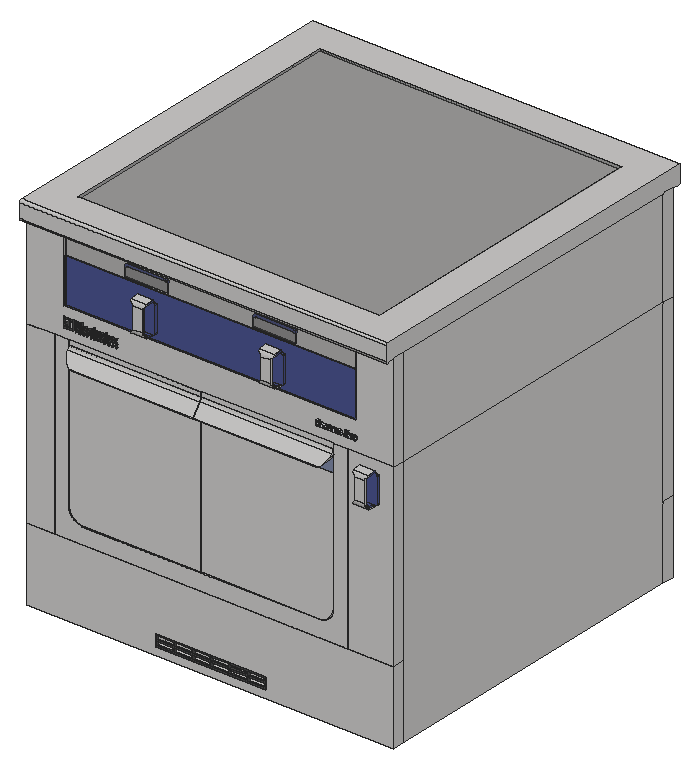
Revit family "QF_ELECTROLUXPROFESSIONAL_588438_MAIRFCH4AO", category Attrezzature speciali, Revit 2020
Family settings
  Quota connettore circolare = Usa diametro
  Tipo di parte = Normale
  Basato su piano di lavoro = No
  Sempre verticale = Sì
  Taglio con vuoti quando caricato = No
  Condiviso = No
  Punto di calcolo locali = No
Parameters (values of type "Standard")
  Weight = 76.00 kg
  Watts = 22000 W
  Volts = 400 V
  URL Manufacturer = "https://www.electroluxprofessional.com/"
  URL = "https://www.electroluxprofessional.com/"
  Steam Supply Size = 0"
  Steam Supply Minimum Pressure = 0.00 psi
  Steam Supply Maximum Pressure = 0.00 psi
  Steam Consumption per Hour = 0
  Refrigeration Suction Line Size = 0 mm
  Refrigeration Liquid Line Size = 0 mm
  Refrigerant Compressor Remote = yes
  Prospetto di default = 0 mm
  Phase = 3
  Modello = "MAIRFCH4AO"
  Produttore = "Electrolux Professional"
  Length Actual = 800 mm  # constant formula
  Item Number = "588438"
  Hot Water Size = 0"
  Height Actual = 800 mm  # constant formula
  HP = "29.5 HP"
  Gas Size = 0"
  Gas KW = 0
  Gas Input Pressure = 0.0 Btu/h
  Direct Waste Size = 0"
  Descrizione = "INDUCTION,4Z,WARM CAB PASS,2S,800X800X80"
  Depth Actual = 800 mm  # constant formula
  Cycle = 50 Hz
  Condensate Return Size = 0"
  Compressed Air Volume = 0 GPM
  Compressed Air Size = 0"
  Compressed Air Pressure = 0.00 psi
  Cold Water Size = 0"
  Accessory = yes
Reference planes
  plane 1 "BACK": y = 0
  plane 2: z = 0
  plane 3 "LEFT": x = 0
  plane 4 "RIGHT": x = 800
  plane 5 "FRONT": y = -800
  plane 6 "TOP": z = 900
  plane 7 "Center (Left/Right)": x = 400
  plane 8: y = -400
  plane 9: z = 100
  plane 10: y = -150
  plane 11 "Panel": y = -755
  plane 12: z = 798
  plane 13: z = 1327
  plane 14: x = 78
  plane 15: x = 722
  plane 16: y = -150
  plane 17: y = -650
  plane 18 "EIx": x = 755
  plane 19 "EIy": y = -585
  plane 20: x = 380
  plane 21 "BASE_TOP": z = 650
  plane 22: x = 60
  plane 23: x = 700
  plane 24: z = 260
Forms (mm)
  Extrusion 1, solid, material "QF_Finishes_Stainless Steel"
    sketch origin (-178.969, -4572, 100) x (-1, 0, 0) y (0, -1, 0)
      loop
        line (-178.969, -4527) -> (-178.969, -3817) -> (-978.969, -3817) -> (-978.969, -4527) -> (-178.969, -4527)
    from 550 to 762.969
  Extrusion 2, solid, material "QF_Finishes_Stainless Steel"
    sketch origin (0, 0, 0) x (0, 1, 0) y (0, 0, 1)
      loop
        line (-755, 100) -> (-755, 260) -> (-780, 260) -> (-780, 100) -> (-755, 100)
    from 0 to 800
  Extrusion 3, solid, material "QF_Finishes_Stainless Steel"
    sketch origin (-588.969, -4562, 100) x (-1, 0, 0) y (0, -1, 0)
      loop
        circle (-1343.969, -3977) r 6.35
    from 0 to -11.851
  Extrusion 4, solid, material "QF_Finishes_Stainless Steel"
    sketch origin (400, 296.4, 1219.2) x (0, 1, 0) y (0, 0, 1)
      loop
        line (-296.4, -319.2) -> (-1091.4, -319.2)
        arc (-1091.4, -319.2) -> (-1094.935, -320.664) -> (-1096.4, -324.2) r 5
        line (-1096.4, -324.2) -> (-1096.4, -355.2)
        arc (-1096.4, -355.2) -> (-1094.971, -358.264) -> (-1091.705, -359.139) r 4
        line (-1091.705, -359.139) -> (-1076.4, -356.231) -> (-316.4, -356.231) -> (-301.094, -359.139)
        arc (-301.094, -359.139) -> (-297.829, -358.264) -> (-296.4, -355.2) r 4
        line (-296.4, -355.2) -> (-296.4, -319.2)
    from -400 to 400
  Extrusion 5, solid, material "QF_Finishes_Stainless Steel"
    sketch origin (-178.969, -4572, 100) x (-1, 0, 0) y (0, -1, 0)
      loop
        line (-178.969, -4527) -> (-178.969, -3817) -> (-978.969, -3817) -> (-978.969, -4527) -> (-178.969, -4527)
    from 550 to 0
  Extrusion 6, void
    sketch origin (0, -755, 0) x (-1, 0, 0) y (0, 0, 1)
      loop
        line (-520, 116.594) -> (-280, 116.594) -> (-280, 141.594) -> (-520, 141.594) -> (-520, 116.594)
    from 0 to -25
  Extrusion 7, solid, material "QF_Finishes_Black"
    sketch origin (0, -755, 0) x (-1, 0, 0) y (0, 0, 1)
      loop
        line (-280, 141.594) -> (-520, 141.594) -> (-520, 116.594) -> (-280, 116.594) -> (-280, 141.594)
      loop
        line (-282, 139.594) -> (-319.131, 139.594) -> (-319.131, 130.094) -> (-282, 130.094) -> (-282, 139.594)
      loop
        line (-282, 118.594) -> (-282, 128.094) -> (-319.131, 128.094) -> (-319.131, 118.594) -> (-282, 118.594)
      loop
        line (-321.131, 139.594) -> (-359.066, 139.594) -> (-359.066, 130.094) -> (-321.131, 130.094) -> (-321.131, 139.594)
      loop
        line (-399, 139.594) -> (-399, 130.094) -> (-361.066, 130.094) -> (-361.066, 139.594) -> (-399, 139.594)
      loop
        line (-401, 139.594) -> (-438.934, 139.594) -> (-438.934, 130.094) -> (-401, 130.094) -> (-401, 139.594)
      loop
        line (-359.066, 118.594) -> (-321.131, 118.594) -> (-321.131, 128.094) -> (-359.066, 128.094) -> (-359.066, 118.594)
      loop
        line (-361.066, 118.594) -> (-361.066, 128.094) -> (-399, 128.094) -> (-399, 118.594) -> (-361.066, 118.594)
      loop
        line (-401, 128.094) -> (-438.934, 128.094) -> (-438.934, 118.594) -> (-401, 118.594) -> (-401, 128.094)
      loop
        line (-518, 139.594) -> (-518, 130.094) -> (-480.869, 130.094) -> (-480.869, 139.594) -> (-518, 139.594)
      loop
        line (-518, 118.594) -> (-480.869, 118.594) -> (-480.869, 128.094) -> (-518, 128.094) -> (-518, 118.594)
      loop
        line (-478.869, 139.594) -> (-478.869, 130.094) -> (-440.934, 130.094) -> (-440.934, 139.594) -> (-478.869, 139.594)
      loop
        line (-440.934, 118.594) -> (-440.934, 128.094) -> (-478.869, 128.094) -> (-478.869, 118.594) -> (-440.934, 118.594)
    from -25.03 to -20
  Extrusion 8, solid, material "QF_Finishes_Stainless Steel"
    sketch origin (0, -800, 0) x (0, -1, 0) y (0, 0, -1)
      loop
        line (-755, -100) -> (-780, -100) -> (-780, -260) -> (-755, -260) -> (-755, -100)
    from 0 to 800
  Extrusion 9, void
    sketch origin (0, -45, 0) x (-1, 0, 0) y (0, 0, -1)
      loop
        line (-520, -116.594) -> (-520, -141.594) -> (-280, -141.594) -> (-280, -116.594) -> (-520, -116.594)
    from 0 to -25
  Extrusion 10, solid, material "QF_Finishes_Stainless Steel"
    sketch origin (0, -755, 0) x (-1, 0, 0) y (0, 0, 1)
      loop
        line (0, 260) -> (0, 650) -> (-60, 650) -> (-60, 260) -> (0, 260)
    from 0 to -25.03
  Extrusion 11, solid, material "QF_Finishes_Stainless Steel"
    sketch origin (0, -755, 0) x (-1, 0, 0) y (0, 0, 1)
      loop
        line (-700, 260) -> (-700, 650) -> (-800, 650) -> (-800, 260) -> (-700, 260)
    from 0 to -25.03
  Extrusion 12, solid, material "QF_Finishes_Stainless Steel"
    sketch origin (70, -755, 0) x (-1, 0, 0) y (0, 0, 1)
      loop
        line (10, 260) -> (10, 650) -> (-20, 650) -> (-20, 325)
        arc (-20, 325) -> (-28.787, 303.787) -> (-50, 295) r 30
        line (-50, 295) -> (-570, 295)
        arc (-570, 295) -> (-591.213, 303.787) -> (-600, 325) r 30
        line (-600, 325) -> (-600, 650) -> (-630, 650) -> (-630, 260) -> (10, 260)
    from 0 to -25.03
  Extrusion 13, solid, material "QF_Finishes_Stainless Steel"
    sketch origin (0, 0, 0) x (1, 0, 0) y (0, 0, 1)
      loop
        line (0, 260) -> (60, 260) -> (60, 650) -> (0, 650) -> (0, 260)
    from 45 to 20
  Extrusion 14, solid, material "QF_Finishes_Stainless Steel"
    sketch origin (0, 0, 0) x (1, 0, 0) y (0, 0, 1)
      loop
        line (700, 260) -> (800, 260) -> (800, 650) -> (700, 650) -> (700, 260)
    from 45 to 20
  Extrusion 15, solid, material "QF_Finishes_Stainless Steel"
    sketch origin (0, 0, 0) x (1, 0, 0) y (0, 0, 1)
      loop
        line (60, 260) -> (700, 260) -> (700, 650) -> (670, 650) -> (670, 325)
        arc (670, 325) -> (661.213, 303.787) -> (640, 295) r 30
        line (640, 295) -> (120, 295)
        arc (120, 295) -> (98.787, 303.787) -> (90, 325) r 30
        line (90, 325) -> (90, 650) -> (60, 650) -> (60, 260)
    from 45 to 20
  Extrusion 16, solid, material "QF_Finishes_Electrolux_Black Smoke Iluminated"
    sketch origin (0, 0, 900) x (-1, 0, 0) y (0, -1, 0)
      loop
        line (-70, 70) -> (-70, 730) -> (-730, 730) -> (-730, 70) -> (-70, 70)
    from -5 to 0
  Extrusion 17, void
    sketch origin (11.152, -20, 900) x (-1, 0, 0) y (0, -1, 0)
      loop
        line (-58.848, 50) -> (-58.848, 710) -> (-718.848, 710) -> (-718.848, 50) -> (-58.848, 50)
    from -5 to 40.278
  Extrusion 18, solid, material "QF_Finishes_Black"
    sketch origin (0, -45, 0) x (-1, 0, 0) y (0, 0, -1)
      loop
        line (-280, -141.594) -> (-280, -116.594) -> (-520, -116.594) -> (-520, -141.594) -> (-280, -141.594)
      loop
        line (-282, -139.594) -> (-282, -130.094) -> (-319.131, -130.094) -> (-319.131, -139.594) -> (-282, -139.594)
      loop
        line (-282, -118.594) -> (-319.131, -118.594) -> (-319.131, -128.094) -> (-282, -128.094) -> (-282, -118.594)
      loop
        line (-321.131, -139.594) -> (-321.131, -130.094) -> (-359.066, -130.094) -> (-359.066, -139.594) -> (-321.131, -139.594)
      loop
        line (-399, -139.594) -> (-361.066, -139.594) -> (-361.066, -130.094) -> (-399, -130.094) -> (-399, -139.594)
      loop
        line (-401, -139.594) -> (-401, -130.094) -> (-438.934, -130.094) -> (-438.934, -139.594) -> (-401, -139.594)
      loop
        line (-359.066, -118.594) -> (-359.066, -128.094) -> (-321.131, -128.094) -> (-321.131, -118.594) -> (-359.066, -118.594)
      loop
        line (-361.066, -118.594) -> (-399, -118.594) -> (-399, -128.094) -> (-361.066, -128.094) -> (-361.066, -118.594)
      loop
        line (-401, -128.094) -> (-401, -118.594) -> (-438.934, -118.594) -> (-438.934, -128.094) -> (-401, -128.094)
      loop
        line (-518, -139.594) -> (-480.869, -139.594) -> (-480.869, -130.094) -> (-518, -130.094) -> (-518, -139.594)
      loop
        line (-518, -118.594) -> (-518, -128.094) -> (-480.869, -128.094) -> (-480.869, -118.594) -> (-518, -118.594)
      loop
        line (-478.869, -139.594) -> (-440.934, -139.594) -> (-440.934, -130.094) -> (-478.869, -130.094) -> (-478.869, -139.594)
      loop
        line (-440.934, -118.594) -> (-478.869, -118.594) -> (-478.869, -128.094) -> (-440.934, -128.094) -> (-440.934, -118.594)
    from -25.03 to -20
Cuts and joins
  Extrusion 6, Extrusion 9 cuts Extrusion 5
  Extrusion 6, Extrusion 9 cuts Extrusion 2
  Extrusion 9 cuts Extrusion 7
  Extrusion 9 cuts Extrusion 8
  Extrusion 17 cuts Extrusion 4
Lines and regions (mm)
  symbolic lines
    curve 1: line (0, 0, 100) -> (800, 0, 100)
    curve 2: line (0, -800, 100) -> (0, 0, 100)
    curve 3: line (800, -800, 100) -> (0, -800, 100)
    curve 4: line (800, 0, 100) -> (800, -800, 100)
  model lines
    curve 5: line (700, -80, 900) -> (100, -80, 900)
    curve 6: line (100, -80, 900) -> (78.787, -101.213, 900)
    curve 7: line (700, -80, 900) -> (721.213, -101.213, 900)
    curve 8: line (700, -720, 900) -> (100, -720, 900)
    curve 9: line (100, -720, 900) -> (78.787, -698.787, 900)
    curve 10: line (700, -720, 900) -> (721.213, -698.787, 900)
    curve 11: line (107.267, -132.845, 900) -> (107.267, -367.845, 900)
    curve 12: line (107.267, -367.845, 900) -> (124.945, -385.523, 900)
    curve 13: line (107.267, -132.845, 900) -> (124.945, -115.167, 900)
    curve 14: line (192.267, -250.345, 900) -> (292.267, -250.345, 900)
    curve 15: line (377.267, -132.845, 900) -> (377.267, -367.845, 900)
    curve 16: line (377.267, -367.845, 900) -> (359.59, -385.523, 900)
    curve 17: line (377.267, -132.845, 900) -> (359.59, -115.167, 900)
    curve 18: line (242.267, -300.345, 900) -> (242.267, -200.345, 900)
    curve 19: line (692.733, -132.845, 900) -> (692.733, -367.845, 900)
    curve 20: line (692.733, -367.845, 900) -> (675.055, -385.523, 900)
    curve 21: line (692.733, -132.845, 900) -> (675.055, -115.167, 900)
    curve 22: line (607.733, -250.345, 900) -> (507.733, -250.345, 900)
    curve 23: line (422.733, -132.845, 900) -> (422.733, -367.845, 900)
    curve 24: line (422.733, -367.845, 900) -> (440.41, -385.523, 900)
    curve 25: line (422.733, -132.845, 900) -> (440.41, -115.167, 900)
    curve 26: line (557.733, -300.345, 900) -> (557.733, -200.345, 900)
    curve 27: line (107.267, -667.155, 900) -> (107.267, -432.155, 900)
    curve 28: line (107.267, -432.155, 900) -> (124.945, -414.477, 900)
    curve 29: line (107.267, -667.155, 900) -> (124.945, -684.833, 900)
    curve 30: line (192.267, -549.655, 900) -> (292.267, -549.655, 900)
    curve 31: line (377.267, -667.155, 900) -> (377.267, -432.155, 900)
    curve 32: line (377.267, -432.155, 900) -> (359.59, -414.477, 900)
    curve 33: line (377.267, -667.155, 900) -> (359.59, -684.833, 900)
    curve 34: line (242.267, -499.655, 900) -> (242.267, -599.655, 900)
    curve 35: line (692.733, -667.155, 900) -> (692.733, -432.155, 900)
    curve 36: line (692.733, -432.155, 900) -> (675.055, -414.477, 900)
    curve 37: line (692.733, -667.155, 900) -> (675.055, -684.833, 900)
    curve 38: line (607.733, -549.655, 900) -> (507.733, -549.655, 900)
    curve 39: line (422.733, -667.155, 900) -> (422.733, -432.155, 900)
    curve 40: line (422.733, -432.155, 900) -> (440.41, -414.477, 900)
    curve 41: line (422.733, -667.155, 900) -> (440.41, -684.833, 900)
    curve 42: line (557.733, -499.655, 900) -> (557.733, -599.655, 900)
Dimensions and locks
  plane 3 "LEFT" to plane 4 "RIGHT" = 800 mm
  plane 5 "FRONT" to plane 1 "BACK" = 800 mm
  equal spacing: plane 3 "LEFT", plane 7 "Center (Left/Right)", plane 4 "RIGHT"
  equal spacing: plane 5 "FRONT", plane 8, plane 1 "BACK"
  plane 9 to level = 100 mm
  plane 1 "BACK" to plane 10 to plane 11 "Panel" = 150 mm, 605 mm  (x2)
  plane 6 "TOP" to plane 9 to level = 800 mm, 100 mm
  plane 6 "TOP" to level = 900 mm
  plane 1 "BACK" to plane 5 "FRONT" = 800 mm
  plane 1 "BACK" to Extrusion 3 = 585 mm
  plane 12 to plane 9 = 698 mm
  plane 13 to plane 6 "TOP" = 427 mm
  plane 6 "TOP" to plane 12 = 102 mm
  plane 14 to plane 3 "LEFT" = 78 mm
  plane 15 to plane 4 "RIGHT" = 78 mm
  locked: plane 1 "BACK" to plane 16 at 150
  locked: plane 16 to plane 17 at 500
  plane 11 "Panel" to plane 5 "FRONT" = 45 mm
  plane 18 "EIx" to plane 4 "RIGHT" = 45 mm
  plane 19 "EIy" to plane 1 "BACK" = 585 mm
  plane 7 "Center (Left/Right)" to plane 20 = 20 mm
  locked: plane 22 to plane 3 "LEFT" at 60
  plane 23 to plane 4 "RIGHT" = 100 mm
  plane 6 "TOP" to plane 21 "BASE_TOP" to plane 9 to level = 250 mm, 550 mm, 100 mm
  aligned and locked: level to plane 2
  aligned and locked: Extrusion 2 to plane 4 "RIGHT"
  aligned and locked: cut or joined group of Extrusion 8, Extrusion 9 to cut or joined group of Extrusion 2, Extrusion 6, Extrusion 9
  aligned and locked: Extrusion 11 to plane 4 "RIGHT"
  aligned and locked: Extrusion 11 to plane 23
  aligned and locked: plane 21 "BASE_TOP" to Extrusion 11
  aligned and locked: Extrusion 11 to plane 24
  aligned and locked: Extrusion 10 to plane 3 "LEFT"
  aligned and locked: plane 22 to Extrusion 10
  aligned and locked: Extrusion 10 to plane 24
  aligned and locked: Extrusion 12 sketch curve to plane 22
  aligned and locked: Extrusion 12 sketch curve to plane 23
  aligned and locked: Extrusion 12 sketch curve to plane 21 "BASE_TOP"
  aligned and locked: Extrusion 13 to cut or joined group of Extrusion 5, Extrusion 6, Extrusion 9
  aligned and locked: Extrusion 14 to Extrusion 13  (x2)
  aligned and locked: Extrusion 15 to Extrusion 13  (x2)
  aligned and locked: cut or joined group of Extrusion 8, Extrusion 9 to plane 9
  aligned and locked: plane 24 to cut or joined group of Extrusion 2, Extrusion 6, Extrusion 9
  aligned and locked: plane 21 "BASE_TOP" to cut or joined group of Extrusion 5, Extrusion 6, Extrusion 9
  aligned and locked: Extrusion 1 to plane 21 "BASE_TOP"
  aligned and locked: nested 2 to nested 3
  aligned and locked: nested 4 to plane 3 "LEFT"
  aligned and locked: plane 3 "LEFT" to nested 5
  aligned and locked: nested 5 to plane 21 "BASE_TOP"
Automatic sketch dimensions
  Extrusion 1 sketch curve to plane 4 "RIGHT" = 0 mm
  Extrusion 1 sketch curve to plane 3 "LEFT" = 0 mm
  Extrusion 1 sketch curve to plane 11 "Panel" = 0 mm
  plane 1 "BACK" to Extrusion 1 sketch curve = 45 mm
  Extrusion 2 sketch curve to plane 9 = 0 mm
  Extrusion 2 sketch curve to plane 24 = 0 mm
  Extrusion 2 sketch curve to plane 11 "Panel" = 0 mm
  Extrusion 2 sketch curve to plane 5 "FRONT" = 20 mm
  plane 1 "BACK" to curve 1 = 0 mm
  curve 1 to plane 4 "RIGHT" = 0 mm
  curve 3 to plane 3 "LEFT" = 0 mm
  plane 5 "FRONT" to curve 3 = 0 mm
  Extrusion 3 sketch curve to plane 18 "EIx" = 0 mm
  Extrusion 3 sketch curve to plane 19 "EIy" = 0 mm
  Extrusion 4 sketch curve to plane 5 "FRONT" = 0 mm
  Extrusion 4 sketch curve to plane 6 "TOP" = 0 mm
  Extrusion 4 sketch curve to plane 1 "BACK" = 0 mm
  Extrusion 4 sketch curve to plane 5 "FRONT" = 4 mm
  Extrusion 4 sketch curve to Extrusion 4 sketch curve = 0.695 mm
  Extrusion 4 sketch curve to plane 5 "FRONT" = 5 mm
  Extrusion 4 sketch curve to Extrusion 4 sketch curve = 15.305 mm
  plane 1 "BACK" to Extrusion 4 sketch curve = 20 mm
  plane 1 "BACK" to Extrusion 4 sketch curve = 4.695 mm
  Extrusion 4 sketch curve to Extrusion 4 sketch curve = 4 mm
  Extrusion 4 sketch curve to Extrusion 4 sketch curve = 31 mm
  Extrusion 4 sketch curve to plane 6 "TOP" = 36 mm
  Extrusion 4 sketch curve to Extrusion 4 sketch curve = 2.909 mm
  Extrusion 5 sketch curve to plane 4 "RIGHT" = 0 mm
  Extrusion 5 sketch curve to plane 3 "LEFT" = 0 mm
  Extrusion 5 sketch curve to plane 11 "Panel" = 0 mm
  plane 1 "BACK" to Extrusion 5 sketch curve = 45 mm
  plane 9 to Extrusion 6 sketch curve = 41.594 mm
  plane 7 "Center (Left/Right)" to Extrusion 6 sketch curve = 120 mm
  Extrusion 6 sketch curve to plane 20 = 100 mm
  plane 9 to Extrusion 6 sketch curve = 16.594 mm
  plane 9 to Extrusion 7 sketch curve = 41.594 mm
  plane 7 "Center (Left/Right)" to Extrusion 7 sketch curve = 120 mm
  Extrusion 7 sketch curve to Extrusion 7 sketch curve = 2 mm  (x16)
  Extrusion 7 sketch curve to Extrusion 7 sketch curve = 0 mm  (x15)
  Extrusion 7 sketch curve to Extrusion 7 sketch curve = 37.131 mm  (x2)
  Extrusion 7 sketch curve to Extrusion 7 sketch curve = 37.934 mm  (x2)
  plane 7 "Center (Left/Right)" to Extrusion 7 sketch curve = 1 mm  (x2)
  Extrusion 7 sketch curve to plane 7 "Center (Left/Right)" = 1 mm  (x2)
  Extrusion 7 sketch curve to plane 20 = 18.934 mm
  plane 9 to Extrusion 7 sketch curve = 18.594 mm  (x4)
  Extrusion 7 sketch curve to Extrusion 7 sketch curve = 9.5 mm  (x6)
  Extrusion 8 sketch curve to plane 9 = 0 mm
  Extrusion 8 sketch curve to plane 24 = 0 mm
  plane 1 "BACK" to Extrusion 8 sketch curve = 20 mm
  Extrusion 8 sketch curve to Extrusion 8 sketch curve = 25 mm
  plane 9 to Extrusion 9 sketch curve = 41.594 mm
  plane 7 "Center (Left/Right)" to Extrusion 9 sketch curve = 120 mm
  Extrusion 9 sketch curve to plane 20 = 100 mm
  plane 9 to Extrusion 9 sketch curve = 16.594 mm
  curve 8 to plane 23 = 0 mm
  curve 7 to plane 23 = 0 mm
  curve 37 to plane 23 = 7.267 mm
  curve 19 to plane 23 = 7.267 mm
  plane 7 "Center (Left/Right)" to curve 23 = 22.733 mm
  plane 7 "Center (Left/Right)" to curve 39 = 22.733 mm
  curve 15 to plane 20 = 2.733 mm
  curve 33 to plane 20 = 2.733 mm
  curve 27 to plane 14 = 29.267 mm
  curve 11 to plane 14 = 29.267 mm
  curve 8 to plane 14 = 22 mm
  curve 5 to plane 14 = 22 mm
  plane 10 to curve 5 = 70 mm
  plane 10 to curve 21 = 17.155 mm
  plane 10 to curve 11 = 17.155 mm
  plane 10 to curve 17 = 17.155 mm
  plane 10 to curve 25 = 17.155 mm
  plane 8 to curve 16 = 32.155 mm
  plane 8 to curve 23 = 32.155 mm
  plane 8 to curve 19 = 32.155 mm
  plane 8 to curve 12 = 32.155 mm
  curve 35 to plane 8 = 32.155 mm
  curve 31 to plane 8 = 32.155 mm
  curve 40 to plane 8 = 32.155 mm
  curve 27 to plane 8 = 32.155 mm
  plane 17 to curve 29 = 17.155 mm
  plane 17 to curve 33 = 17.155 mm
  plane 17 to curve 35 = 17.155 mm
  plane 17 to curve 39 = 17.155 mm
  plane 11 "Panel" to curve 10 = 35 mm
  plane 15 to curve 10 = 0.787 mm
  plane 15 to curve 7 = 0.787 mm
  curve 20 to plane 23 = 24.945 mm
  curve 37 to plane 23 = 24.945 mm
  curve 21 to plane 23 = 24.945 mm
  curve 36 to plane 23 = 24.945 mm
  plane 19 "EIy" to curve 38 = 35.345 mm
  curve 38 to plane 23 = 92.267 mm
  curve 22 to plane 23 = 92.267 mm
  curve 22 to curve 26 = 50 mm  (x2)
  curve 38 to curve 42 = 50 mm
  curve 42 to curve 38 = 50 mm  (x2)
  curve 26 to curve 22 = 50 mm  (x2)
  curve 41 to curve 39 = 17.678 mm
  curve 40 to plane 8 = 14.477 mm
  curve 40 to curve 39 = 17.678 mm
  plane 8 to curve 24 = 14.477 mm
  curve 24 to curve 23 = 17.678 mm
  curve 25 to curve 23 = 17.678 mm  (x2)
  curve 33 to plane 20 = 20.41 mm
  curve 17 to plane 20 = 20.41 mm
  curve 16 to plane 20 = 20.41 mm
  curve 32 to plane 20 = 20.41 mm
  curve 14 to plane 20 = 87.733 mm
  plane 19 "EIy" to curve 30 = 35.345 mm
  curve 30 to plane 20 = 87.733 mm
  curve 34 to plane 19 "EIy" = 14.655 mm
  curve 30 to curve 34 = 50 mm
  curve 14 to curve 18 = 50 mm  (x2)
  curve 34 to curve 30 = 50 mm  (x2)
  curve 18 to curve 14 = 50 mm  (x2)
  plane 8 to curve 12 = 14.477 mm
  curve 12 to curve 11 = 17.678 mm
  curve 28 to plane 8 = 14.477 mm
  curve 28 to curve 27 = 17.678 mm
  curve 29 to curve 27 = 17.678 mm
  curve 13 to curve 11 = 17.678 mm  (x2)
  curve 9 to plane 14 = 0.787 mm
  curve 6 to plane 14 = 0.787 mm
  curve 5 to curve 7 = 21.213 mm
  curve 5 to curve 6 = 21.213 mm
  curve 17 to curve 15 = 17.678 mm
  curve 21 to curve 19 = 17.678 mm
  curve 26 to plane 10 = 50.345 mm
  curve 18 to plane 10 = 50.345 mm
  plane 8 to curve 16 = 14.477 mm
  plane 8 to curve 20 = 14.477 mm
  curve 36 to plane 8 = 14.477 mm
  curve 32 to plane 8 = 14.477 mm
  curve 42 to plane 19 "EIy" = 14.655 mm
  curve 31 to curve 33 = 17.678 mm
  curve 39 to curve 41 = 17.678 mm
  curve 27 to curve 29 = 17.678 mm
  curve 35 to curve 37 = 17.678 mm
  curve 10 to curve 8 = 21.213 mm
  curve 9 to curve 8 = 21.213 mm
  Extrusion 10 sketch curve to plane 22 = 0 mm
  Extrusion 10 sketch curve to plane 3 "LEFT" = 0 mm
  Extrusion 10 sketch curve to plane 24 = 0 mm
  Extrusion 10 sketch curve to plane 21 "BASE_TOP" = 0 mm
  plane 4 "RIGHT" to Extrusion 11 sketch curve = 0 mm
  Extrusion 11 sketch curve to plane 21 "BASE_TOP" = 0 mm
  Extrusion 11 sketch curve to plane 23 = 0 mm
  Extrusion 11 sketch curve to plane 24 = 0 mm
  Extrusion 12 sketch curve to plane 21 "BASE_TOP" = 0 mm
  Extrusion 12 sketch curve to plane 24 = 0 mm
  Extrusion 12 sketch curve to plane 23 = 30 mm
  Extrusion 12 sketch curve to Extrusion 12 sketch curve = 30 mm
  Extrusion 12 sketch curve to plane 14 = 42 mm
  Extrusion 12 sketch curve to plane 14 = 12 mm
  plane 24 to Extrusion 12 sketch curve = 35 mm
  Extrusion 13 sketch curve to plane 3 "LEFT" = 0 mm
  Extrusion 13 sketch curve to plane 21 "BASE_TOP" = 0 mm
  Extrusion 13 sketch curve to plane 22 = 0 mm
  Extrusion 13 sketch curve to plane 24 = 0 mm
  Extrusion 14 sketch curve to plane 21 "BASE_TOP" = 0 mm
  Extrusion 14 sketch curve to plane 23 = 0 mm
  plane 4 "RIGHT" to Extrusion 14 sketch curve = 0 mm
  Extrusion 14 sketch curve to plane 24 = 0 mm
  Extrusion 15 sketch curve to plane 21 "BASE_TOP" = 0 mm  (x2)
  Extrusion 15 sketch curve to plane 22 = 0 mm
  Extrusion 15 sketch curve to plane 23 = 0 mm
  Extrusion 15 sketch curve to plane 24 = 0 mm
  Extrusion 15 sketch curve to plane 14 = 12 mm
  Extrusion 15 sketch curve to Extrusion 15 sketch curve = 30 mm  (x2)
  Extrusion 15 sketch curve to plane 23 = 60 mm
  plane 24 to Extrusion 15 sketch curve = 35 mm
  Extrusion 16 sketch curve to plane 15 = 8 mm
  plane 14 to Extrusion 16 sketch curve = 8 mm
  plane 1 "BACK" to Extrusion 16 sketch curve = 70 mm
  plane 11 "Panel" to Extrusion 16 sketch curve = 25 mm
  Extrusion 17 sketch curve to plane 15 = 8 mm
  plane 14 to Extrusion 17 sketch curve = 8 mm
  plane 1 "BACK" to Extrusion 17 sketch curve = 70 mm
  plane 11 "Panel" to Extrusion 17 sketch curve = 25 mm
  plane 9 to Extrusion 18 sketch curve = 41.594 mm
  plane 7 "Center (Left/Right)" to Extrusion 18 sketch curve = 120 mm
  Extrusion 18 sketch curve to Extrusion 18 sketch curve = 2 mm  (x19)
  Extrusion 18 sketch curve to Extrusion 18 sketch curve = 0 mm  (x15)
  Extrusion 18 sketch curve to Extrusion 18 sketch curve = 37.131 mm  (x2)
  Extrusion 18 sketch curve to Extrusion 18 sketch curve = 37.934 mm  (x2)
  plane 7 "Center (Left/Right)" to Extrusion 18 sketch curve = 1 mm  (x2)
  Extrusion 18 sketch curve to plane 7 "Center (Left/Right)" = 1 mm  (x2)
  Extrusion 18 sketch curve to plane 20 = 18.934 mm
  plane 9 to Extrusion 18 sketch curve = 18.594 mm
  plane 9 to Extrusion 18 sketch curve = 39.594 mm
  Extrusion 18 sketch curve to Extrusion 18 sketch curve = 9.5 mm  (x5)
  radius of Extrusion 3 sketch curve = 6.35 mm
Nested families
  nested 1: "FIT Range Control Handle" at (745, -783.167, -372.751), type "FIT Range Control Handle"
  nested 2: "H450H2_2DOOR" at (343.958, -755, 200) x (1, 0, 0) z (0, -1, 0), type "H450H2_2DOOR"
    with Width 580 mm, Wdoor 290 mm, Show Clearance yes
  nested 3: "H450H2_2DOOR" at (416.042, -45, 200) x (-1, 0, 0) z (0, 1, 0), type "H450H2_2DOOR"
    with Width 580 mm, Wdoor 290 mm, Show Clearance yes
  nested 4: "Front_Panel_W800_2 Knobs" at (597.624, -45, 0) x (-1, 0, 0) z (0, 0, 1), type "Front_Panel_W800_2 Knobs"
  nested 5: "Front_Panel_W800_2 Knobs" at (202.376, -755, 0), type "Front_Panel_W800_2 Knobs"
Connectors
  electrical at (755, -585, 88.149)
    settings: on Extrusion 3, index 1, voltage 400 V, apparent load 33000 VA, apparent load phase1 0 VA, apparent load phase2 0 VA, apparent load phase3 0 VA, power factor 1, load classification "Other", number of poles 1, system type 30, power factor state 1, is connector primary yes, connector utility no, sub classification motor no, connector description "ELECTRICAL CONNECTION"
Definition of nested family "FIT Range Control Handle"
  Parameters
    Default Elevation = 0 mm
  Reference planes
    plane 1 "Center (Front/Back)": y = 0
    plane 2: z = 0
    plane 3 "Center (Left/Right)": x = 0
    plane 4: z = 971.092
    plane 5: y = -16.8
  Forms (mm)
    Extrusion 1, solid
      sketch origin (-746.28, 380.497, 208.931) x (-1, 0, 0) y (0, 0, 1)
        loop
          line (-770.101, 786.798) -> (-770.101, 731.649)
          arc (-770.101, 731.649) -> (-769.759, 730.563) -> (-768.855, 729.87) r 1.893
          line (-768.855, 729.87) -> (-763.474, 727.911) -> (-729.81, 727.911) -> (-724.428, 729.87)
          arc (-724.428, 729.87) -> (-723.525, 730.563) -> (-723.183, 731.649) r 1.893
          line (-723.183, 731.649) -> (-723.183, 786.798)
          arc (-723.183, 786.798) -> (-723.529, 787.894) -> (-724.44, 788.593) r 1.91
          line (-724.44, 788.593) -> (-729.683, 790.819) -> (-763.601, 790.819) -> (-768.844, 788.593)
          arc (-768.844, 788.593) -> (-769.755, 787.894) -> (-770.101, 786.798) r 1.91
      from -382.35 to -378.852
    Sweep 2, solid
      path origin (-746.788, 380.496, 208.091) x (0, -1, 0) y (0, 0, 1)
        loop
          line (379.775, 793.281) -> (395.661, 791.048)
          arc (395.661, 791.048) -> (397.781, 787.377) -> (398.517, 783.202) r 12.207
          line (398.517, 783.202) -> (398.517, 737.368)
          arc (398.517, 737.368) -> (397.781, 733.193) -> (395.661, 729.522) r 12.207
          line (395.661, 729.522) -> (379.775, 727.289)
      profile origin (-746.788, -7.222, 1000.256) x (0, -0.139173, 0.990268) y (-1, 0, 0)
        loop
          line (0.782, -763.123) -> (0.782, -730.907) -> (-1.322, -730.907) -> (-1.322, -763.123) -> (0.782, -763.123)
    Sweep 3, solid
      path origin (-746.788, 380.715, 207.832) x (0, -1, 0) y (0, 0, 1)
        loop
          line (380.478, 795.442) -> (397.218, 793.09)
          arc (397.218, 793.09) -> (399.929, 788.473) -> (400.871, 783.202) r 15.207
          line (400.871, 783.202) -> (400.871, 737.584)
          arc (400.871, 737.584) -> (399.914, 732.274) -> (397.164, 727.633) r 15.207
          line (397.164, 727.633) -> (380.601, 725.305)
      profile origin (-746.788, -8.132, 1002.099) x (0, -0.139173, 0.990268) y (-1, 0, 0)
        loop
          line (0.782, -763.123) -> (0.782, -730.907) -> (-1.322, -730.907) -> (-1.322, -763.123) -> (0.782, -763.123)
    Extrusion 4, void
      sketch origin (889.253, 220.666, 207.993) x (1, 0, 0) y (0, 0, 1)
        loop
          line (-943.038, 816.854) -> (-943.038, 703.686) -> (-899.466, 734.196) -> (-899.466, 786.344) -> (-943.038, 816.854)
      from 230.636 to 242.25
    Extrusion 5, void
      sketch origin (-888.8, 220.666, 207.993) x (-1, 0, 0) y (0, 0, -1)
        loop
          line (-943.038, -816.854) -> (-899.466, -786.344) -> (-899.466, -734.196) -> (-943.038, -703.686) -> (-943.038, -816.854)
      from 230.636 to 242.25
    Extrusion 6, solid
      sketch origin (0, 0, 0) x (1, 0, 0) y (0, 0, 1)
        loop
          circle (0, 971.092) r 7.736
      from -3.137 to -1.645
  Cuts and joins
    Extrusion 4, Extrusion 5 cuts Sweep 3
    Extrusion 4, Extrusion 5 cuts Sweep 2
    joined: Extrusion 1, Extrusion 6
  Lines and regions (mm)
    symbolic lines
      curve 1: line (-15.881, -19.189, 0) -> (-15.881, -16.8, 0)
      curve 2: line (16.334, -19.189, 0) -> (16.334, -16.8, 0)
      curve 3: spline (-15.881, -19.189, 0) -> (-15.417, -19.349, 0) -> (-14.951, -19.501, 0) -> (-14.483, -19.646, 0) -> (-14.014, -19.783, 0) -> (-13.543, -19.912, 0) -> (-13.071, -20.033, 0) -> (-12.597, -20.146, 0) -> (-12.122, -20.251, 0) -> (-11.646, -20.349, 0) -> (-11.169, -20.438, 0) -> (-10.691, -20.52, 0) -> (-10.213, -20.593, 0)
      curve 4: spline (10.666, -20.593, 0) -> (11.144, -20.52, 0) -> (11.622, -20.438, 0) -> (12.099, -20.349, 0) -> (12.575, -20.251, 0) -> (13.05, -20.146, 0) -> (13.524, -20.033, 0) -> (13.996, -19.912, 0) -> (14.467, -19.783, 0) -> (14.936, -19.646, 0) -> (15.404, -19.501, 0) -> (15.87, -19.349, 0) -> (16.334, -19.189, 0)
      curve 5: line (-10.213, -20.938, 0) -> (10.716, -20.938, 0)
  Dimensions and locks
    cut or joined group of Sweep 3, Extrusion 4, Extrusion 5 to cut or joined group of Sweep 3, Extrusion 4, Extrusion 5 = 71.686 mm
Definition of nested family "H450H2_2DOOR"
  Parameters
    Width [instance] = 580 mm
    Wdoor [instance] = Width / 2  # 290 mm
    Show Clearance [instance] = yes
    Model = "727995"
    Height = 450 mm
    Default Elevation = 0 mm
  Reference planes
    plane 1 "Center (Front/Back)": y = 0
    plane 2: z = 0
    plane 3 "Center (Left/Right)": x = 36.042
    plane 4 "panel": z = 25
    plane 5: x = -253.958
    plane 6: x = 326.042
    plane 7: y = 450
    plane 8: z = 290
    plane 9: z = 45
  Forms (mm)
    Extrusion 1, solid
      sketch origin (0, -919.2, 0) x (1, 0, 0) y (0, 1, 0)
        loop
          line (-980.5, 2119.2) -> (-980.5, -162.846) -> (881.94, -162.846) -> (881.94, 2119.2) -> (-980.5, 2119.2)
      from 0 to -59.546
    Extrusion 2, solid
      sketch origin (0, 0, 0) x (1, 0, 0) y (0, 1, 0)
        loop
          line (324.042, 393) -> (37.042, 393) -> (37.042, 97) -> (294.042, 97)
          arc (294.042, 97) -> (315.255, 105.787) -> (324.042, 127) r 30
          line (324.042, 127) -> (324.042, 393)
        loop
          arc (-251.958, 127) -> (-243.171, 105.787) -> (-221.958, 97) r 30
          line (-221.958, 97) -> (35.042, 97) -> (35.042, 393) -> (-251.958, 393) -> (-251.958, 127)
      from 0 to 25
    Extrusion 3, solid
      sketch origin (0, 0, 0) x (1, 0, 0) y (0, 1, 0)
        loop
          line (-251.958, 393) -> (35.042, 393) -> (35.042, 440) -> (-251.958, 440) -> (-251.958, 393)
        loop
          line (37.042, 440) -> (37.042, 393) -> (324.042, 393) -> (324.042, 440) -> (37.042, 440)
      from 0 to 25
    Extrusion 4, solid
      sketch origin (5.581, 79.805, 0) x (1, 0, 0) y (0, 1, 0)
        loop
          line (-257.539, 360.195) -> (29.461, 360.195) -> (29.461, 370.195) -> (-257.539, 370.195) -> (-257.539, 360.195)
        loop
          line (31.461, 370.195) -> (31.461, 360.195) -> (318.461, 360.195) -> (318.461, 370.195) -> (31.461, 370.195)
      from 0 to 25
    Extrusion 5, solid
      sketch origin (36.042, 0, 0) x (0, 1, 0) y (0, 0, 1)
        loop
          line (426.693, 25) -> (440.02, 25)
          arc (440.02, 25) -> (435.261, 25.775) -> (430.993, 28.02) r 15
          line (430.993, 28.02) -> (406.653, 46.362) -> (403.644, 42.369) -> (426.693, 25)
      from 1 to 288
    Extrusion 6, solid
      sketch origin (36.042, 0, 0) x (0, 1, 0) y (0, 0, 1)
        loop
          line (426.693, 25) -> (440.02, 25)
          arc (440.02, 25) -> (435.261, 25.775) -> (430.993, 28.02) r 15
          line (430.993, 28.02) -> (406.653, 46.362) -> (403.644, 42.369) -> (426.693, 25)
      from -288 to -1
    Extrusion 7, void
      sketch origin (0, 0, 0) x (1, 0, 0) y (0, 1, 0)
        loop
          arc (324.042, 426.693) -> (314.508, 412.772) -> (300.317, 403.644) r 42.603
          line (300.317, 403.644) -> (324.042, 403.644) -> (324.042, 426.693)
      from 0 to 47.9
    Extrusion 8, void
      sketch origin (72.084, 0, 0) x (-1, 0, 0) y (0, -1, 0)
        loop
          line (324.042, -426.693) -> (324.042, -403.644) -> (300.317, -403.644)
          arc (300.317, -403.644) -> (314.508, -412.772) -> (324.042, -426.693) r 42.603
      from 0 to 47.9
    Extrusion 9, solid, detail levels coarse
      sketch origin (0, 0, 0) x (1, 0, 0) y (0, 0, 1)
        loop
          arc (36.042, 25) -> (-41.575, 212.383) -> (-228.958, 290) r 265
          line (-228.958, 290) -> (-228.958, 25) -> (36.042, 25)
      from -450 to -97
    Extrusion 10, solid, detail levels coarse
      sketch origin (0, 0, 0) x (1, 0, 0) y (0, 0, 1)
        loop
          arc (301.042, 290) -> (113.659, 212.383) -> (36.042, 25) r 265
          line (36.042, 25) -> (301.042, 25) -> (301.042, 290)
      from -450 to -97
  Cuts and joins
    Extrusion 8 cuts Extrusion 6
    Extrusion 7 cuts Extrusion 5
  Lines and regions (mm)
    symbolic lines
      curve 1: line (326.042, 0, 45) -> (326.042, 0, 290)
      curve 2: line (301.042, 0, 45) -> (301.042, 0, 290)
      curve 3: line (326.042, 0, 290) -> (301.042, 0, 290)
      curve 4: line (-253.958, 0, 45) -> (-253.958, 0, 290)
      curve 5: line (-228.958, 0, 45) -> (-228.958, 0, 290)
      curve 6: line (-253.958, 0, 290) -> (-228.958, 0, 290)
      curve 7: arc (301.042, 0, 290) -> (120.901, 0, 219.356) -> (36.804, 0, 45.088) r 265
      curve 8: arc (35.286, 0, 44.997) -> (-48.783, 0, 219.325) -> (-228.958, 0, 290) r 265
  Dimensions and locks
    plane 4 "panel" to level = 25 mm
    "Width": plane 5 to plane 6
    equal spacing: plane 5, plane 3 "Center (Left/Right)", plane 6
    "Height": plane 1 "Center (Front/Back)" to plane 7
    locked: plane 5 to Extrusion 2 sketch curve at 2
    locked: Extrusion 2 sketch curve to plane 6 at 2
    locked: plane 1 "Center (Front/Back)" to Extrusion 2 sketch curve at 97
    locked: plane 7 to Extrusion 2 sketch curve at 57
    locked: Extrusion 2 sketch curve to plane 3 "Center (Left/Right)" at 1
    locked: plane 3 "Center (Left/Right)" to Extrusion 2 sketch curve at 1
    Extrusion 3 sketch curve to Extrusion 2 = 47 mm
    "Wdoor": plane 8 to level
    locked: curve 2 to curve 1 at 25
    locked: curve 5 to curve 4 at 25
    plane 4 "panel" to plane 9 = 20 mm
    aligned and locked: plane 2 to Extrusion 1
    aligned and locked: level to Extrusion 1
    aligned and locked: plane 4 "panel" to Extrusion 2
    aligned and locked: Extrusion 2 to Extrusion 3 sketch curve
    aligned and locked: Extrusion 3 sketch curve to Extrusion 2  (x2)
    aligned and locked: Extrusion 3 sketch curve to Extrusion 3 sketch curve
    aligned and locked: plane 4 "panel" to Extrusion 3
    aligned and locked: Extrusion 4 sketch curve to Extrusion 4 sketch curve
    aligned and locked: Extrusion 4 sketch curve to Extrusion 3  (x3)
    aligned and locked: Extrusion 3 to Extrusion 4 sketch curve
    aligned and locked: Extrusion 4 sketch curve to plane 7
    aligned and locked: Extrusion 3 to Extrusion 5
    aligned and locked: Extrusion 5 to Extrusion 3
    aligned and locked: Extrusion 6 to Extrusion 3
    aligned and locked: Extrusion 3 to Extrusion 6
    aligned and locked: Extrusion 7 sketch curve to Extrusion 5
    aligned and locked: Extrusion 8 to Extrusion 6
    aligned and locked: Extrusion 4 to Extrusion 8
    aligned and locked: Extrusion 2 to Extrusion 7
    aligned and locked: Extrusion 7 to Extrusion 5
    aligned and locked: Extrusion 4 to Extrusion 3  (x2)
    aligned and locked: Extrusion 3 to Extrusion 2
    aligned and locked: Extrusion 4 to Extrusion 2
    aligned and locked: curve 3 to plane 8
    aligned and locked: curve 1 to plane 6
    aligned and locked: curve 4 to plane 5
    aligned and locked: Extrusion 9 sketch curve to plane 4 "panel"
    aligned and locked: Extrusion 10 sketch curve to curve 7
    aligned and locked: Extrusion 10 sketch curve to curve 2
    aligned and locked: Extrusion 2 to Extrusion 9
    aligned and locked: Extrusion 2 to Extrusion 10
    aligned and locked: plane 7 to Extrusion 9
    aligned and locked: Extrusion 3 to Extrusion 4
  Automatic sketch dimensions
    Extrusion 1 sketch curve to Extrusion 1 sketch curve = 1862.44 mm
    Extrusion 1 sketch curve to Extrusion 1 sketch curve = 2282.046 mm
    Extrusion 2 sketch curve to Extrusion 2 sketch curve = 30 mm  (x2)
    Extrusion 2 sketch curve to plane 1 "Center (Front/Back)" = 97 mm
    Extrusion 2 sketch curve to Extrusion 2 sketch curve = 0 mm
    Extrusion 3 sketch curve to plane 3 "Center (Left/Right)" = 1 mm
    plane 5 to Extrusion 3 sketch curve = 2 mm
    Extrusion 3 sketch curve to Extrusion 3 sketch curve = 0 mm
    Extrusion 5 sketch curve to plane 4 "panel" = 0 mm
    plane 4 "panel" to Extrusion 5 sketch curve = 17.369 mm
    Extrusion 5 sketch curve to plane 7 = 46.356 mm
    plane 4 "panel" to Extrusion 5 sketch curve = 21.362 mm
    Extrusion 5 sketch curve to Extrusion 5 sketch curve = 3.009 mm
    plane 4 "panel" to Extrusion 5 sketch curve = 3.02 mm
    Extrusion 5 sketch curve to Extrusion 5 sketch curve = 9.027 mm
    Extrusion 6 sketch curve to plane 4 "panel" = 0 mm
    plane 4 "panel" to Extrusion 6 sketch curve = 17.369 mm
    Extrusion 6 sketch curve to plane 7 = 46.356 mm
    plane 4 "panel" to Extrusion 6 sketch curve = 21.362 mm
    Extrusion 6 sketch curve to Extrusion 6 sketch curve = 3.009 mm
    plane 4 "panel" to Extrusion 6 sketch curve = 3.02 mm
    Extrusion 6 sketch curve to Extrusion 6 sketch curve = 9.027 mm
    Extrusion 7 sketch curve to Extrusion 7 sketch curve = 23.725 mm
    Extrusion 7 sketch curve to plane 7 = 6.671 mm
    Extrusion 7 sketch curve to plane 6 = 41.221 mm
    Extrusion 7 sketch curve to plane 7 = 23.307 mm
    plane 7 to Extrusion 8 sketch curve = 6.671 mm
    Extrusion 8 sketch curve to plane 5 = 41.221 mm
    Extrusion 8 sketch curve to plane 5 = 25.725 mm
    Extrusion 8 sketch curve to plane 5 = 2 mm
    plane 7 to Extrusion 8 sketch curve = 23.307 mm
    Extrusion 4 sketch curve to Extrusion 4 sketch curve = 10 mm
    Extrusion 4 sketch curve to plane 7 = 10 mm
    curve 2 to plane 9 = 0 mm
    curve 5 to plane 9 = 0 mm
    curve 4 to plane 9 = 0 mm
    curve 1 to plane 9 = 0 mm
    curve 8 to plane 4 "panel" = 0 mm
    curve 5 to plane 8 = 0 mm
    curve 8 to plane 9 = 0.003 mm
    curve 7 to plane 4 "panel" = 0 mm
    plane 9 to curve 7 = 0.088 mm
Definition of nested family "Front_Panel_W800_2 Knobs"
  Parameters
    Default Elevation = 0 mm
  Reference planes
    plane 1 "Center (Front/Back)": y = 0
    plane 2: z = 0
    plane 3 "Center (Left/Right)": x = 197.624
    plane 4 "Left": x = -202.376
    plane 5 "Right": x = 597.624
    plane 6: y = -45
    plane 7: x = 127.624
    plane 8: x = 57.624
    plane 9: x = 337.624
    plane 10: x = 517.624
    plane 11: x = -122.376
    plane 12 "Panel": y = -25
  Forms (mm)
    Extrusion 1, solid
      sketch origin (833.217, 829.203, -1.25) x (0, 1, 0) y (0, 0, 1)
        loop
          line (-854.203, 651.25) -> (-829.203, 651.25) -> (-829.203, 864.25) -> (-854.203, 864.25) -> (-854.203, 651.25)
      from -1035.593 to -235.593
    Extrusion 2, void
      sketch origin (0, 0, 0) x (1, 0, 0) y (0, 0, 1)
        loop
          line (-122.376, 853.866) -> (-122.376, 711.866) -> (517.624, 711.866) -> (517.624, 853.866) -> (-122.376, 853.866)
      from 19.387 to 33.951
  Cuts and joins
    Extrusion 2 cuts Extrusion 1
  Dimensions and locks
    equal spacing: plane 5 "Right", plane 3 "Center (Left/Right)", plane 4 "Left"
    plane 5 "Right" to plane 4 "Left" = 800 mm
    plane 3 "Center (Left/Right)" to plane 7 = 70 mm
    plane 9 to plane 3 "Center (Left/Right)" = 140 mm
    plane 3 "Center (Left/Right)" to plane 8 = 140 mm
    aligned and locked: cut or joined group of Extrusion 1, Extrusion 2 to plane 4 "Left"
    aligned and locked: plane 5 "Right" to cut or joined group of Extrusion 1, Extrusion 2
    aligned and locked: plane 3 "Center (Left/Right)" to nested 1
    aligned and locked: cut or joined group of Extrusion 1, Extrusion 2 to nested 1
    aligned and locked: nested 5 to plane 11
  Automatic sketch dimensions
    Extrusion 1 sketch curve to plane 1 "Center (Front/Back)" = 0 mm
    level to Extrusion 1 sketch curve = 650 mm
    plane 4 "Left" to Extrusion 2 sketch curve = 80 mm
    Extrusion 2 sketch curve to plane 5 "Right" = 80 mm
    level to Extrusion 2 sketch curve = 711.866 mm
    Extrusion 2 sketch curve to Extrusion 2 sketch curve = 142 mm
    Extrusion 1 sketch curve to plane 6 = 20 mm
    Extrusion 1 sketch curve to Extrusion 1 sketch curve = 213 mm
  Nested families
    nested 1: "Front glass control panel W800_Two" at (197.624, 280.644, 2.752), type "Front glass control panel W800_Two"
    nested 2: "Range Control Handle" at (57.851, -28.137, -209.113) x (-1, 0, 0) z (0, 0, 1), type "Range Control Handle"
    nested 3: "Range Control Handle" at (337.624, -28.137, -209.113), type "Range Control Handle"
    nested 4: "ELX_ThermaLine_Small" at (469.031, -25, 679.402) x (1, 0, 0) z (0, -1, 0), type "ELX_ThermaLine_Small"
      with Show Logo yes, Material_Logo none
    nested 5: "ELX_Professional_Logo_Small" at (-62.89, -25, 681.634) x (1, 0, 0) z (0, -1, 0), type "ELX_Professional_Logo_Small"
      with Show Logo yes, Material_Logo none
  Definition of nested family "Front glass control panel W800_Two"
    Parameters
      Default Elevation = 0 mm
    Reference planes
      plane 1 "Center (Front/Back)": y = 0
      plane 2: z = 0
      plane 3 "Center (Left/Right)": x = 0
      plane 4: x = -140
      plane 5: x = 140
    Forms (mm)
      Extrusion 1, solid
        sketch origin (378.286, 0, 0.617) x (1, 0, 0) y (0, 0, 1)
          loop
            line (-698.286, 806.791) -> (-698.286, 708.497) -> (-58.286, 708.497) -> (-58.286, 806.791) -> (-698.286, 806.791)
        from 300.031 to 304.8
      Extrusion 2, solid
        sketch origin (378.286, 0, 0.617) x (1, 0, 0) y (0, 0, 1)
          loop
            line (-698.286, 850.497) -> (-698.286, 806.791) -> (-58.286, 806.791) -> (-58.286, 850.497) -> (-698.286, 850.497)
        from 300.031 to 304.8
      Extrusion 3, void
        sketch origin (378.286, 0, 0.617) x (1, 0, 0) y (0, 0, 1)
          loop
            line (-695.628, 847.565) -> (-695.628, 710.699) -> (-61.196, 710.699) -> (-61.196, 847.565) -> (-695.628, 847.565)
        from 303.697 to 304.8
      Extrusion 4, solid
        sketch origin (-448.309, 1.101, -0.633) x (-1, 0, 0) y (0, 0, -1)
          loop
            line (-261.431, -812.62) -> (-355.186, -812.62) -> (-355.186, -834.177) -> (-350.269, -834.177) -> (-348.469, -835.977) -> (-268.039, -835.977) -> (-266.24, -834.177) -> (-261.431, -834.177) -> (-261.431, -812.62)
        from 304.798 to 306.745
      Extrusion 5, solid
        sketch origin (-448.309, 1.101, -0.633) x (-1, 0, 0) y (0, 0, -1)
          loop
            line (-350.269, -834.177) -> (-355.078, -834.177)
            arc (-355.078, -834.177) -> (-353.942, -838.747) -> (-349.686, -840.763) r 5.5
            line (-349.686, -840.763) -> (-266.98, -840.763)
            arc (-266.98, -840.763) -> (-262.706, -838.752) -> (-261.529, -834.177) r 5.549
            line (-261.529, -834.177) -> (-266.24, -834.177) -> (-268.039, -835.977) -> (-348.469, -835.977) -> (-350.269, -834.177)
        from 304.798 to 306.745
      Extrusion 6, solid
        sketch origin (448.309, 1.101, -0.633) x (1, 0, 0) y (0, 0, 1)
          loop
            line (-261.431, 812.62) -> (-261.431, 834.177) -> (-266.24, 834.177) -> (-268.039, 835.977) -> (-348.469, 835.977) -> (-350.269, 834.177) -> (-355.186, 834.177) -> (-355.186, 812.62) -> (-261.431, 812.62)
        from 304.798 to 306.745
      Extrusion 7, solid
        sketch origin (448.309, 1.101, -0.633) x (1, 0, 0) y (0, 0, 1)
          loop
            line (-350.269, 834.177) -> (-348.469, 835.977) -> (-268.039, 835.977) -> (-266.24, 834.177) -> (-261.529, 834.177)
            arc (-261.529, 834.177) -> (-262.706, 838.752) -> (-266.98, 840.763) r 5.549
            line (-266.98, 840.763) -> (-349.686, 840.763)
            arc (-349.686, 840.763) -> (-353.942, 838.747) -> (-355.078, 834.177) r 5.5
            line (-355.078, 834.177) -> (-350.269, 834.177)
        from 304.798 to 306.745
    Cuts and joins
      Extrusion 3 cuts Extrusion 1
      Extrusion 3 cuts Extrusion 2
    Dimensions and locks
      plane 3 "Center (Left/Right)" to plane 4 = 140 mm
      plane 5 to plane 3 "Center (Left/Right)" = 140 mm
      aligned and locked: Extrusion 1 to Extrusion 2
      aligned and locked: Extrusion 5 sketch curve to Extrusion 4  (x5)
      aligned and locked: Extrusion 5 to Extrusion 4
      aligned and locked: Extrusion 7 sketch curve to Extrusion 6  (x4)
      aligned and locked: Extrusion 6 to Extrusion 7 sketch curve
      aligned and locked: Extrusion 7 to Extrusion 6
  Definition of nested family "Range Control Handle"
    Parameters
      Default Elevation = 0 mm
    Reference planes
      plane 1 "Center (Front/Back)": y = 0
      plane 2: z = 0
      plane 3 "Center (Left/Right)": x = 0
      plane 4: z = 971.092
      plane 5: y = -16.9
    Forms (mm)
      Extrusion 1, solid
        sketch origin (-746.28, 380.497, 208.931) x (-1, 0, 0) y (0, 0, 1)
          loop
            line (-770.101, 786.798) -> (-770.101, 731.649)
            arc (-770.101, 731.649) -> (-769.759, 730.563) -> (-768.855, 729.87) r 1.893
            line (-768.855, 729.87) -> (-763.474, 727.911) -> (-729.81, 727.911) -> (-724.428, 729.87)
            arc (-724.428, 729.87) -> (-723.525, 730.563) -> (-723.183, 731.649) r 1.893
            line (-723.183, 731.649) -> (-723.183, 786.798)
            arc (-723.183, 786.798) -> (-723.529, 787.894) -> (-724.44, 788.593) r 1.91
            line (-724.44, 788.593) -> (-729.683, 790.819) -> (-763.601, 790.819) -> (-768.844, 788.593)
            arc (-768.844, 788.593) -> (-769.755, 787.894) -> (-770.101, 786.798) r 1.91
        from -382.35 to -378.852
      Sweep 2, solid
        path origin (-746.788, 380.496, 208.091) x (0, -1, 0) y (0, 0, 1)
          loop
            line (379.775, 793.281) -> (395.661, 791.048)
            arc (395.661, 791.048) -> (397.781, 787.377) -> (398.517, 783.202) r 12.207
            line (398.517, 783.202) -> (398.517, 737.368)
            arc (398.517, 737.368) -> (397.781, 733.193) -> (395.661, 729.522) r 12.207
            line (395.661, 729.522) -> (379.775, 727.289)
        profile origin (-746.788, -7.222, 1000.256) x (0, -0.139173, 0.990268) y (-1, 0, 0)
          loop
            line (0.782, -763.123) -> (0.782, -730.907) -> (-1.322, -730.907) -> (-1.322, -763.123) -> (0.782, -763.123)
      Sweep 3, solid
        path origin (-746.788, 380.715, 207.832) x (0, -1, 0) y (0, 0, 1)
          loop
            line (380.478, 795.442) -> (397.218, 793.09)
            arc (397.218, 793.09) -> (399.929, 788.473) -> (400.871, 783.202) r 15.207
            line (400.871, 783.202) -> (400.871, 737.584)
            arc (400.871, 737.584) -> (399.914, 732.274) -> (397.164, 727.633) r 15.207
            line (397.164, 727.633) -> (380.601, 725.305)
        profile origin (-746.788, -8.132, 1002.099) x (0, -0.139173, 0.990268) y (-1, 0, 0)
          loop
            line (0.782, -763.123) -> (0.782, -730.907) -> (-1.322, -730.907) -> (-1.322, -763.123) -> (0.782, -763.123)
      Extrusion 4, void
        sketch origin (889.253, 220.666, 207.993) x (1, 0, 0) y (0, 0, 1)
          loop
            line (-943.038, 816.854) -> (-943.038, 703.686) -> (-899.466, 734.196) -> (-899.466, 786.344) -> (-943.038, 816.854)
        from 230.636 to 242.25
      Extrusion 5, void
        sketch origin (-888.8, 220.666, 207.993) x (-1, 0, 0) y (0, 0, -1)
          loop
            line (-943.038, -816.854) -> (-899.466, -786.344) -> (-899.466, -734.196) -> (-943.038, -703.686) -> (-943.038, -816.854)
        from 230.636 to 242.25
      Extrusion 6, solid
        sketch origin (0, 0, 0) x (1, 0, 0) y (0, 0, 1)
          loop
            circle (0, 971.092) r 7.736
        from -3.137 to -1.645
    Cuts and joins
      Extrusion 4, Extrusion 5 cuts Sweep 3
      Extrusion 4, Extrusion 5 cuts Sweep 2
      joined: Extrusion 1, Extrusion 6
    Lines and regions (mm)
      symbolic lines
        curve 1: line (16.334, -16.9, 0) -> (16.334, -19.227, 0)
        curve 2: spline (16.334, -19.227, 0) -> (15.87, -19.385, 0) -> (15.404, -19.536, 0) -> (14.936, -19.678, 0) -> (14.466, -19.813, 0) -> (13.995, -19.94, 0) -> (13.523, -20.059, 0) -> (13.049, -20.171, 0) -> (12.575, -20.274, 0) -> (12.099, -20.37, 0) -> (11.622, -20.458, 0) -> (11.144, -20.537, 0) -> (10.666, -20.609, 0)
        curve 3: line (10.666, -16.9, 0) -> (10.666, -20.938, 0)
        curve 4: line (-10.213, -20.938, 0) -> (10.666, -20.938, 0)
        curve 5: line (-10.213, -20.938, 0) -> (-10.213, -16.9, 0)
        curve 6: spline (-10.213, -20.609, 0) -> (-10.691, -20.537, 0) -> (-11.169, -20.458, 0) -> (-11.646, -20.37, 0) -> (-12.122, -20.274, 0) -> (-12.597, -20.171, 0) -> (-13.07, -20.059, 0) -> (-13.542, -19.94, 0) -> (-14.013, -19.813, 0) -> (-14.483, -19.678, 0) -> (-14.951, -19.536, 0) -> (-15.417, -19.385, 0) -> (-15.881, -19.227, 0)
        curve 7: line (-15.881, -19.227, 0) -> (-15.881, -16.9, 0)
  Definition of nested family "ELX_ThermaLine_Small"
    Parameters
      Show Logo [instance] = yes
      Material_Logo [instance] = none
      Default Elevation = 0 mm
    Reference planes
      plane 1 "Centro (Fronte/Retro)": y = 0
      plane 2: z = 0
      plane 3 "Centro (Sinistra/Destra)": x = 0
    Forms (mm)
      Extrusion 1, solid
        sketch origin (0, 0, 0) x (1, 0, 0) y (0, 1, 0)
          loop
            line (-1219.2, 1219.2) -> (-1219.2, -1219.2) -> (1219.2, -1219.2) -> (1219.2, 1219.2) -> (-1219.2, 1219.2)
        from 0 to -304.8
      Extrusion 2, solid
        sketch origin (0, 0, 0) x (1, 0, 0) y (0, 1, 0)
          loop
            line (-37.494, 1.229) -> (-35.908, 1.229) -> (-35.908, 3.066) -> (-37.494, 3.066) -> (-37.494, 6.221) -> (-39.867, 4.881) -> (-39.867, 3.066) -> (-40.969, 3.066) -> (-40.969, 1.229) -> (-39.867, 1.229) -> (-39.867, -3.407)
            arc (-39.867, -3.407) -> (-38.982, -5.513) -> (-36.751, -6.001) r 2.478
            line (-36.751, -6.001) -> (-35.638, -5.7) -> (-35.9, -3.835) -> (-36.661, -4.039)
            arc (-36.661, -4.039) -> (-37.236, -3.924) -> (-37.494, -3.399) r 0.662
            line (-37.494, -3.399) -> (-37.494, 1.229)
          loop
            line (-34.242, 6.539) -> (-34.242, -5.848) -> (-31.854, -5.848) -> (-31.854, -0.078)
            arc (-31.854, -0.078) -> (-30.939, 1.249) -> (-29.33, 1.367) r 1.866
            arc (-29.33, 1.367) -> (-28.695, 0.768) -> (-28.461, -0.073) r 1.627
            line (-28.461, -0.073) -> (-28.461, -5.848) -> (-26.086, -5.848) -> (-26.064, -0.46)
            arc (-26.064, -0.46) -> (-26.261, 0.932) -> (-26.786, 2.237) r 5.825
            arc (-26.786, 2.237) -> (-29.381, 3.264) -> (-31.854, 1.971) r 3.353
            line (-31.854, 1.971) -> (-31.854, 6.539) -> (-34.242, 6.539)
          loop
            arc (-18.398, -0.598) -> (-18.893, 0.879) -> (-20.326, 1.487) r 1.897
            arc (-20.326, 1.487) -> (-21.461, 0.708) -> (-21.897, -0.598) r 2.164
            line (-21.897, -0.598) -> (-18.398, -0.598)
          loop
            arc (-16.021, -2.044) -> (-16.754, 1.227) -> (-19.444, 3.226) r 4.814
            arc (-19.444, 3.226) -> (-22.137, 2.788) -> (-23.943, 0.743) r 4.054
            arc (-23.943, 0.743) -> (-24.382, -1.249) -> (-24.162, -3.276) r 6.289
            arc (-24.162, -3.276) -> (-23.302, -4.71) -> (-21.958, -5.705) r 4.28
            arc (-21.958, -5.705) -> (-18.558, -5.814) -> (-16.152, -3.409) r 4.28
            line (-16.152, -3.409) -> (-18.5, -2.995)
            arc (-18.5, -2.995) -> (-19.273, -3.994) -> (-20.533, -4.076) r 1.536
            arc (-20.533, -4.076) -> (-21.56, -3.281) -> (-21.958, -2.044) r 2.197
            line (-21.958, -2.044) -> (-16.021, -2.044)
          loop
            line (-14.165, -5.848) -> (-11.819, -5.848) -> (-11.819, -2.138)
            arc (-11.819, -2.138) -> (-11.787, -1.156) -> (-11.637, -0.185) r 8.18
            arc (-11.637, -0.185) -> (-10.644, 0.972) -> (-9.132, 0.776) r 1.603
            line (-9.132, 0.776) -> (-8.419, 2.846)
            arc (-8.419, 2.846) -> (-10.432, 3.118) -> (-11.994, 1.821) r 2.527
            line (-11.994, 1.821) -> (-11.994, 3.094) -> (-14.165, 3.094) -> (-14.165, -5.848)
          loop
            line (-7.579, 3.094) -> (-7.579, -5.848) -> (-5.178, -5.848) -> (-5.178, -0.756)
            arc (-5.178, -0.756) -> (-4.727, 0.679) -> (-3.417, 1.419) r 2.05
            arc (-3.417, 1.419) -> (-2.499, 0.908) -> (-2.155, -0.085) r 1.471
            line (-2.155, -0.085) -> (-2.155, -5.848) -> (0.23, -5.848) -> (0.23, -1.001)
            arc (0.23, -1.001) -> (0.47, 0.127) -> (1.148, 1.061) r 2.775
            arc (1.148, 1.061) -> (2.225, 1.329) -> (3.05, 0.587) r 1.182
            arc (3.05, 0.587) -> (3.199, -0.019) -> (3.214, -0.642) r 2.894
            line (3.214, -0.642) -> (3.214, -5.848) -> (5.601, -5.848) -> (5.601, 0.261)
            arc (5.601, 0.261) -> (4.87, 2.263) -> (2.976, 3.241) r 2.932
            arc (2.976, 3.241) -> (1.284, 2.973) -> (-0.047, 1.896) r 3.309
            arc (-0.047, 1.896) -> (-1.116, 2.865) -> (-2.506, 3.258) r 3.16
            arc (-2.506, 3.258) -> (-4.105, 2.942) -> (-5.376, 1.92) r 3.419
            line (-5.376, 1.92) -> (-5.376, 3.094) -> (-7.579, 3.094)
          loop
            line (7.583, 0.738) -> (9.702, 0.364)
            arc (9.702, 0.364) -> (11.441, 1.492) -> (12.855, -0.023) r 1.613
            line (12.855, -0.023) -> (9.782, -0.789)
            arc (9.782, -0.789) -> (8.559, -1.346) -> (7.617, -2.305) r 3.687
            arc (7.617, -2.305) -> (7.499, -3.681) -> (7.901, -5.003) r 3.651
            arc (7.901, -5.003) -> (9.107, -5.766) -> (10.515, -6.006) r 3.635
            arc (10.515, -6.006) -> (11.898, -5.697) -> (13.067, -4.895) r 3.734
            line (13.067, -4.895) -> (13.376, -5.848) -> (15.75, -5.848) -> (15.212, -4.193) -> (15.212, 0.38)
            arc (15.212, 0.38) -> (14.897, 1.849) -> (13.818, 2.895) r 2.585
            arc (13.818, 2.895) -> (11.792, 3.442) -> (9.719, 3.11) r 5.005
            arc (9.719, 3.11) -> (8.369, 2.178) -> (7.583, 0.738) r 3.54
          loop
            line (19.723, -5.848) -> (22.233, -5.848) -> (24.854, 6.484) -> (22.345, 6.484) -> (19.723, -5.848)
          loop
            line (24.583, -5.848) -> (26.953, -5.848) -> (28.848, 3.066) -> (26.478, 3.066) -> (24.583, -5.848)
          loop
            line (27.204, 6.484) -> (26.741, 4.305) -> (29.111, 4.305) -> (29.575, 6.484) -> (27.204, 6.484)
          loop
            line (29.355, -5.848) -> (31.849, -5.848) -> (33.098, 0.028)
            arc (33.098, 0.028) -> (34.169, 1.306) -> (35.832, 1.422) r 2.132
            arc (35.832, 1.422) -> (36.324, 0.752) -> (36.383, -0.078) r 1.5
